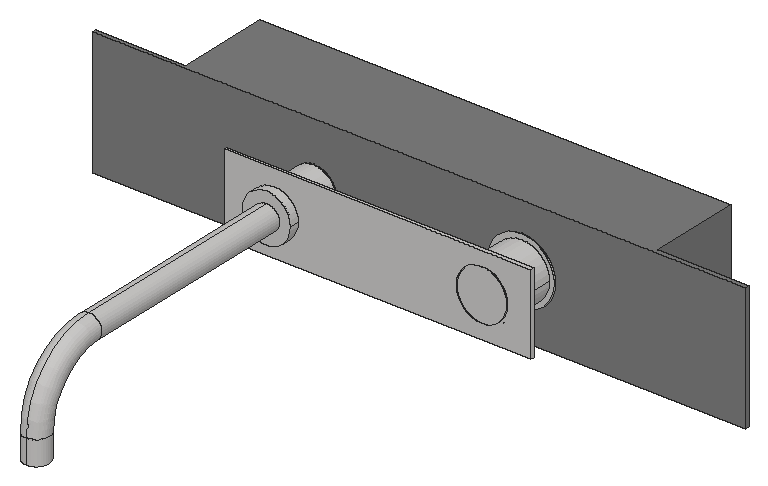
Revit family "CBR_4822", category Plumbing Fixtures, Revit 2021
Family settings
  Round Connector Dimension = Use Diameter
  Part Type = Normal
  Work Plane-Based = No
  Always vertical = Yes
  Cut with Voids When Loaded = No
  Shared = No
  Room Calculation Point = No
Parameters
  e-mail = "info@vola.com"
  URL = "http://vola.com"
  Telephone = "+45 7023 5500"
  Quality management standard = "ISO 9001"
  Organisation no. / DUNS no. = "17531328"
  Occupational health and safety management standard = "ISO 18001"
  Mounting Instructions = ""
  Model = "4822"
  Mixer Offset [instance] = 35.50 mm
  Mixer = yes
  Materials and components information = ""
  Manufacturer = "VOLA A/S"
  Maintenance Instructions = ""
  Guarantee = "2 years"
  Flow = "5,00 l/min"
  Environmental management standard = "ISO 14000"
  Default Elevation = 0.00 mm
  Connection - All relevant connections = "To valve box 3/8\" and to mixer ½\""
  Approvals = ""
Reference planes
  plane 1 "Center (Front/Back)": y = 0
  plane 2: z = 0
  plane 3 "Center (Left/Right)": x = 0
  plane 4 "Mixer plane": y = 35.5
  plane 5 "Wall Surface": y = 0
Forms (mm)
  Extrusion 1, solid, material "Stainless Steel"
    sketch origin (16.5, 35, 0) x (0, 0, 1) y (-1, 0, 0)
      loop
        circle (0, 16.5) r 16.5
    from 0 to 35
Dimensions and locks
  "Mixer Offset": plane 4 "Mixer plane" to plane 1 "Center (Front/Back)"
  aligned and locked: plane 2 to level
  aligned and locked: nested 1 to plane 4 "Mixer plane"
  aligned and locked: plane 1 "Center (Front/Back)" to Extrusion 1
Automatic sketch dimensions
  radius of Extrusion 1 sketch curve to nested 1 = 0.00 mm
Nested families
  nested 1: "4800" at (79, 107, -58.08), visible <- "Mixer", type "Standard"
  nested 2: "4002L" at (78, 0, 0) x (1, 0, 0) z (0, -1, 0), type "4002L"
  nested 3: "VR510" at (156, -0.5, 0), type "Standard"
  nested 4: "020" at (0, -2, 0), type "020"
Connectors
  piping at (-0.111, 70.5, -47.5), diameter 19
    settings: on nested 1, index 1, connector inside diameter 0.74803", connector length 0.00 mm, flow factor 0, pipe flow 0 GPM, pressure drop 0.00 psi, fitting loss kfactor 0, connector angle 0.00°, fixture units 0, engagement length 0.00 mm, angle of deflection 0.00°, flow configuration 0, flow direction 1, fitting loss method 0, system type 20, joint type 0, gender type 0, connector reference index -1, connector utility 0, adjustable connector no, is connector primary yes, connector description ""
Definition of nested family "4800"
  Parameters
    e-mail = "info@vola.com"
    URL = "http://vola.com"
    Telephone = "+45 7023 5500"
    Quality management standard = "ISO 9001"
    Organisation no. / DUNS no. = "17531328"
    Occupational health and safety management standard = "ISO 18001"
    Mounting Instructions = ""
    Model = "4000"
    Materials and components information = ""
    Manufacturer = "VOLA A/S"
    Maintenance Instructions = ""
    Guarantee = "2 years"
    Environmental management standard = "ISO 14000"
    Default Elevation = 0.00 mm
    Connection - All relevant connections = ""
    Approvals = "http://vola.com/service/producturl.ashx?name=4000"
  Reference planes
    plane 1 "Center (Front/Back)": y = 0
    plane 2: z = 0
    plane 3 "Center (Left/Right)": x = 0
    plane 4: z = 58.08
    plane 5: y = -28.5
    plane 6: y = -36.5
    plane 7: y = -72
  Forms (mm)
    Extrusion 1, solid
      sketch origin (-39, -1, -10.92) x (1, 0, 0) y (0, 1, 0)
        loop
          line (-138, 1) -> (-138, -68) -> (216, -68) -> (216, 1) -> (-138, 1)
      from 21.5 to 116.5
    Extrusion 2, solid
      sketch origin (-1.25, -1, -10.92) x (1, 0, 0) y (0, 1, 0)
        loop
          line (-243.75, -68) -> (-243.75, -70.5) -> (246.25, -70.5) -> (246.25, -68) -> (-243.75, -68)
      from 21.5 to 116.5
    Extrusion 3, solid
      sketch origin (38, -1, -10.92) x (1, 0, 0) y (0, 0, 1)
        loop
          circle (39, 69) r 25
      from 70.5 to 71
    Extrusion 4, solid
      sketch origin (-118, -1, -10.92) x (1, 0, 0) y (0, 0, 1)
        loop
          circle (39, 69) r 16.5
      from 70.5 to 71
  Cuts and joins
    joined: Extrusion 1, Extrusion 2
  Lines and regions (mm)
    reference lines
      curve 1: line (77, -36.5, 58.08) -> (77, -36.5, 157.08)
      curve 2: line (77, -36.5, 58.08) -> (77, -36.5, -40.92)
      curve 3: line (-79, -28.5, 58.08) -> (-79, -28.5, 157.08)
      curve 4: line (-79, -28.5, 58.08) -> (-79, -28.5, -40.92)
      curve 5: line (-78, -28.5, 58.08) -> (-78, -123.5, 58.08)
      curve 6: line (78, -36.5, 58.08) -> (78, -123.5, 58.08)
  Dimensions and locks
    aligned and locked: plane 2 to level
    aligned and locked: Extrusion 1 to Extrusion 2
    aligned and locked: Extrusion 2 to Extrusion 1
Definition of nested family "4002L"
  Parameters
    e-mail = "info@vola.com"
    URL = "http://vola.com"
    Telephone = "+45 7023 5500"
    Quality management standard = "ISO 9001"
    Organisation no. / DUNS no. = "17531328"
    Occupational health and safety management standard = "ISO 18001"
    Mounting Instructions = ""
    Model = "002L"
    Materials and components information = ""
    Manufacturer = "VOLA A/S"
    Maintenance Instructions = ""
    Guarantee = "2 years"
    Environmental management standard = "ISO 14000"
    Default Elevation = 1219.20 mm
    Connection - All relevant connections = ""
    Approvals = "http://vola.com/service/producturl.ashx?name=002L"
  Reference planes
    plane 1 "Center (Front/Back)": y = 0
    plane 2: z = 0
    plane 3 "Center (Left/Right)": x = 0
  Forms (mm)
    Extrusion 1, solid
      sketch origin (0, 0, 0) x (1, 0, 0) y (0, 1, 0)
        loop
          line (-115, 30) -> (-115, -30) -> (115, -30) -> (115, 30) -> (-115, 30)
        loop
          circle (-78, 0) r 16.5
        loop
          circle (78, 0) r 19
      from 0 to 2
    Extrusion 2, solid
      sketch origin (156, 0, 0) x (1, 0, 0) y (0, 1, 0)
        loop
          circle (-78, 0) r 19
        loop
          circle (-78, 0) r 21
      from 0 to -35
  Dimensions and locks
    aligned and locked: plane 2 to level
Definition of nested family "VR510"
  Parameters
    e-mail = "info@vola.com"
    URL = "http://vola.com"
    Telephone = "+45 7023 5500"
    Quality management standard = "ISO 9001"
    Organisation no. / DUNS no. = "17531328"
    Occupational health and safety management standard = "ISO 18001"
    Mounting Instructions = ""
    Model = "RS82E"
    Materials and components information = ""
    Manufacturer = "VOLA A/S"
    Maintenance Instructions = ""
    Guarantee = "2 years"
    Environmental management standard = "ISO 14000"
    Default Elevation = 0.00 mm
    Connection - All relevant connections = ""
    Approvals = "http://vola.com/service/producturl.ashx?name=RS82E"
  Reference planes
    plane 1 "Center (Front/Back)": y = 0
    plane 2: z = 0
    plane 3 "Center (Left/Right)": x = 0
  Forms (mm)
    Extrusion 1, solid
      sketch origin (0, 0, 0) x (-1, 0, 0) y (0, 0, -1)
        loop
          circle (0, 0) r 19
      from 0 to 1.5
  Lines and regions (mm)
    model lines
      curve 1: circle (0, -1.5, 0) r 1.5 normal (0, 1, 0)
      curve 2: circle (0, -1.5, 5) r 1.5 normal (0, 1, 0)
      curve 3: circle (0, -1.5, -5) r 1.5 normal (0, 1, 0)
  Dimensions and locks
    aligned and locked: plane 2 to level
Definition of nested family "020"
  Parameters
    e-mail = "info@vola.com"
    URL = "http://vola.com"
    Telephone = "+45 7023 5500"
    Quality management standard = "ISO 9001"
    Organisation no. / DUNS no. = "17531328"
    Occupational health and safety management standard = "ISO 18001"
    Mounting Instructions = "http://vola.com/service/producturl.ashx?name=020"
    Model = "020"
    Materials and components information = "http://vola.com/service/producturl.ashx?name=020"
    Manufacturer = "VOLA A/S"
    Maintenance Instructions = "http://vola.com/service/producturl.ashx?name=020"
    Guarantee = "2 years"
    Environmental management standard = "ISO 14000"
    Default Elevation = 0.00 mm
    Connection - All relevant connections = ""
    Approvals = "http://vola.com/service/producturl.ashx?name=020"
  Reference planes
    plane 1 "Center (Front/Back)": y = 0
    plane 2: z = 0
    plane 3 "Center (Left/Right)": x = 0
  Forms (mm)
    Extrusion 1, solid
      sketch origin (0, 0, 0) x (1, 0, 0) y (0, 0, 1)
        loop
          circle (0, 0) r 18
      from 0 to 7
    Sweep 2, solid
      path origin (0, 0, 0) x (0, 1, 0) y (0, 0, 1)
        loop
          line (-7, 0) -> (-174, 0)
          arc (-174, 0) -> (-208.648, -14.352) -> (-223, -49) r 49
      profile origin (0, -208.648, -14.352) x (0, 0.707107, -0.707107) y (1, 0, 0)
        loop
          circle (0, 0) r 9.5
    Extrusion 3, solid
      sketch origin (0, -223, -49) x (0, -1, 0) y (-1, 0, 0)
        loop
          circle (0, 0) r 9.5
      from 0 to 18
  Dimensions and locks
    Sweep 2 sketch curve to plane 1 "Center (Front/Back)" = 223.00 mm
    aligned and locked: plane 2 to level
